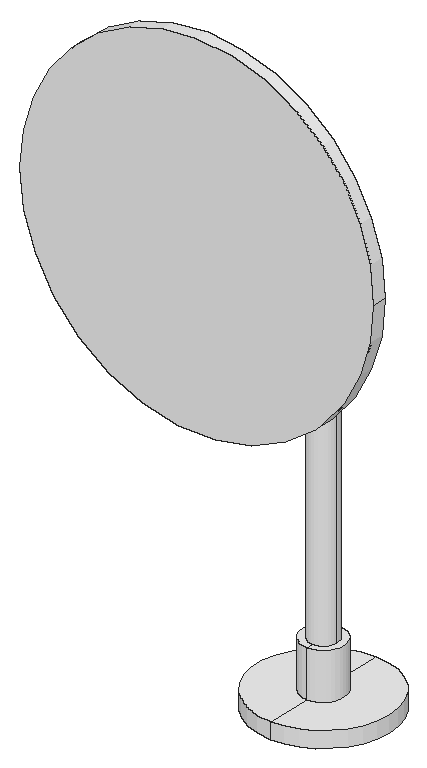
Revit family "Showerhead_Contemporary_11in-Rain_TS100B_BL_TOTO", category Plumbing Fixtures, host Face, Revit 2013
Parameters (values of type "TS100BL")
  ecoScorecard_data = " "
  ecoScorecard Product Page = "  "
  Width = 11"  # constant formula
  Waste Connection = no
  Warranty URL = "http://www.totousa.com/warranty-registration"
  Warranty = "Lifetime Limited Warranty (Residential Use); One Year (Oil Rubbed Bronze); One Year Limited (Commercial Use)"  # constant formula
  WFU = 0
  Vent Connection = yes
  URL = "http://www.totousa.com"
  Toto BIM Number = "BM-00109"  # constant formula
  Tempered Water Connection Radius = Tempered Water Connection NPT / 2  # 1/4"
  Tempered Water Connection NPT = 1/2"
  Subcategory = "Showers"  # constant formula
  Style = "Contemporary"  # constant formula
  Spec Sheet URL = "http://assets.totousa.com/product-files/SS-00035_TS100B.pdf"
  Shipping Weight = 12.00 lbf
  Series = ""
  Product Page URL = " "
  Parts Manual URL = " "
  Owners Manual URL = "  "
  Model = "TS100B"  # constant formula
  Manufacturer Toll Free Phone = "1-888-295-8134"  # constant formula
  Manufacturer Phone = "(770) 282-8686"  # constant formula
  Manufacturer Fax = "(770) 282-0002"  # constant formula
  Manufacturer Email = "mailto:custservice@totousa.com"
  Manufacturer Address = "1155 Southern Road, Morrow, Georgia 30260"  # constant formula
  Manufacturer = "TOTO USA, Inc."  # constant formula
  Installation URL = " "
  Hot Water Connector = "Hot Water Connection"  # constant formula
  Hot Water Connection Radius = 1/2"
  Hot Water Connection Diameter = Hot Water Connection Radius * 2  # 1"
  Height = 6 15/16"  # constant formula
  HWFU = 0
  HW Connection = yes
  Flow Rate = 1.75 GPM
  Finish = Metal - TOTO - Chrome - Polished
  Description = "11 Rain Showerhead\""
  Depth = 20 3/4"  # constant formula
  Default Elevation = 77"
  Cost Info = "mailto:custservice@totousa.com"
  Color Availability = "#CP Polished Chrome, #BN Brushed Nickel, #PN Polished Nickel"  # constant formula
  Cold Water Connector = "Cold Water Connection"  # constant formula
  Cold Water Connection Radius = 1/2"
  Cold Water Connection Diameter = Cold Water Connection Radius * 2  # 1"
  CWFU = 0
  CW Connection = yes
  CAD Drawing URL = "http://assets.totousa.com/product-files/AD-00055_TS100B_BL.dxf"
  Assembly Code = "D2010710"
  95 CSI = "15416"  # constant formula
  04 CSI = "22 41 39"  # constant formula
Reference planes (in)
  plane 1 "Center (Front/Back)": y = 0
  plane 2: z = 0
  plane 3 "Center (Left/Right)": x = 0
Dimensions and locks (in)
  aligned and locked: plane 2 to host face
  aligned and locked: level to host face
  aligned and locked: plane 1 "Center (Front/Back)" to nested 1
  aligned and locked: plane 3 "Center (Left/Right)" to nested 1
Nested families (in)
  nested 1: "TS100BL" at (0, 4.9, 0), type "TS100BL"
    with Flow Pressure 0.00 psi
Connectors (in)
  piping at (0, 5.5875, -0.5), driven by "Cold Water Connection Radius", driven by "Flow Rate", driven by "CWFU", driven by "CW Connection", driven by "CW Connection", driven by "Cold Water Connector"
    settings: on nested 1, index 1, connector radius 1/2", flow factor 0, pipe flow 1.75 GPM, pressure drop 0.00 psi, fitting loss kfactor 0, connector angle 0.00°, fixture units 0, engagement length 0", flow configuration 3, flow direction 1, fitting loss method 0, system type 20, joint type 0, gender type 0, connector reference index -1, connector utility 1, adjustable connector yes, is connector primary yes, fitting loss table "", connector description "Cold Water Connection"
  piping at (0, 4.21172, -0.5), driven by "Hot Water Connection Radius", driven by "HW Connection", driven by "Hot Water Connector", driven by "HW Connection", driven by "HWFU"
    settings: on nested 1, index 2, connector radius 1/2", flow factor 0, pipe flow 0.00 GPM, pressure drop 0.00 psi, fitting loss kfactor 0, connector angle 0.00°, fixture units 0, engagement length 0", flow configuration 3, flow direction 1, fitting loss method 0, system type 19, joint type 0, gender type 0, connector reference index -1, connector utility 1, adjustable connector yes, is connector primary no, fitting loss table "", connector description "Hot Water Connection"
Definition of nested family "TS100BL"
  Parameters (values of type "TS100BL")
    Waste Connection = no
    WFU = 0
    Vent Connection = yes
    URL = ""
    Tempered Water Connection Radius = Tempered Water Connection NPT / 2  # 1/4"
    Tempered Water Connection NPT = 1/2"
    Showerhead Material = Metal - TOTO - Chrome - Polished
    Nominal Width = 11"  # constant formula
    Nominal Height = 6 243/256"  # constant formula
    Nominal Depth = 20 3/4"  # constant formula
    Model = ""
    Manufacturer = ""
    HWFU = 0
    HW Connection = yes
    Flow Pressure [instance] = 0.00 psi
    Description = ""
    Default Elevation = 77"
    CWFU = 0
    CW Connection = yes
    Assembly Code = ""
  Reference planes (in)
    plane 1 "Center (Front/Back)": y = 0
    plane 2: z = 0
    plane 3 "Center (Left/Right)": x = 0
    plane 4: z = 15.25
    plane 5: y = -4.9
    plane 6: y = -4.48984
    plane 7: y = -2.47
    plane 8: z = 1.94
    plane 9: z = -0.5
    plane 10: y = 2.04922
    plane 11: z = 20.75
    plane 12: x = 5.5
    plane 13: x = -5.5
  Forms (in)
    Extrusion 1, solid
      sketch origin (0, 0, 0) x (1, 0, 0) y (0, 1, 0)
        loop
          line (-48, 48) -> (-48, -48) -> (48, -48) -> (48, 48) -> (-48, 48)
      from 0 to -12
    Extrusion 2, solid, material "Metal - TOTO - Chrome - Polished" <- "Showerhead Material"
      sketch origin (0, -4.9, 49.25) x (0, 0, -1) y (1, 0, 0)
        loop
          circle (34, 0) r 5.5
      from 0 to -0.41016
    Revolve 3, solid, material "Metal - TOTO - Chrome - Polished" <- "Showerhead Material", detail levels fine
      sketch origin (0, 0, 0) x (0, 1, 0) y (0, 0, 1)
        loop
          line (-4.48984, 15.25) -> (-2.47, 15.25) -> (-2.47, 16.13) -> (-4.17984, 16.13) -> (-4.17984, 16.61)
          arc (-4.17984, 16.61) -> (-4.20328, 16.66657) -> (-4.25984, 16.69) r 0.08
          line (-4.25984, 16.69) -> (-4.48984, 16.69) -> (-4.48984, 15.25)
        axis (-4.48984, 15.25) -> (-2.47, 15.25)
      angle from 0 to 360
    Sweep 4, solid, material "Metal - TOTO - Chrome - Polished" <- "Showerhead Material", detail levels fine
      path origin (0, 0, 0) x (0, 1, 0) y (0, 0, 1)
        loop
          line (-2.47, 15.25) -> (-1.17, 15.25)
          arc (-1.17, 15.25) -> (-0.34269, 14.90731) -> (0, 14.08) r 1.17
          line (0, 14.08) -> (0, 1.94)
      profile origin (0, -1.82, 15.25) x (0, 0, 1) y (1, 0, 0)
        loop
          circle (0, 0) r 0.43
    Revolve 5, solid, material "Metal - TOTO - Chrome - Polished" <- "Showerhead Material", detail levels fine
      sketch origin (0, 0, 0) x (0, 1, 0) y (0, 0, 1)
        loop
          line (0, 0) -> (2.05, 0) -> (2.05, 0.5) -> (0.65, 0.5) -> (0.65, 1.94) -> (0, 1.94) -> (0, 0)
        axis (0, 1.94) -> (0, 0)
      angle from 0 to 360
    Extrusion 6, solid, material "Metal - TOTO - Chrome - Polished" <- "Showerhead Material"
      sketch origin (0, 0, 0) x (1, 0, 0) y (0, 1, 0)
        loop
          circle (0, 0.6875) r 0.5
        loop
          circle (0, -0.68828) r 0.5
      from 0 to -0.5
    Extrusion 7, solid, material "Metal - TOTO - Chrome - Polished" <- "Showerhead Material", detail levels coarse+medium
      sketch origin (0, 0, 0) x (0, 1, 0) y (0, 0, 1)
        loop
          line (2.04922, 0) -> (2.04922, 16.69) -> (-4.48984, 16.69) -> (-4.48984, 13.81) -> (-2.05, 13.81) -> (-2.05, 0) -> (2.04922, 0)
      from -2.05 to 2.01364
  Lines and regions (in)
    symbolic lines
      curve 1: line (-5.5, -4.9, 0) -> (-5.5, -4.48984, 0)
      curve 2: line (5.5, -4.9, 0) -> (5.5, -4.48984, 0)
      curve 3: line (5.5, -4.48984, 0) -> (2.01364, -4.48984, 0)
      curve 4: line (5.5, -4.9, 0) -> (-5.5, -4.9, 0)
      curve 25: line (-2.01122, -4.48984, 0) -> (-5.5, -4.48984, 0)
      curve 26: line (2.01364, -4.48984, 0) -> (-2.01122, -4.48984, 0)
      curve 32: arc (5.5, 0, 15.25) -> (0, 0, 20.75) -> (-5.5, 0, 15.25) r 5.5
      curve 33: arc (-5.5, 0, 15.25) -> (-4.03825, 0, 11.51603) -> (-0.43, 0, 9.76683) r 5.5
      curve 35: line (0, -4.48984, 16.69) -> (0, -4.25732, 16.69)
      curve 45: line (0, 2.04922, 0.5) -> (0, 2.04922, 0)
      curve 46: line (0, -2.05, 0.5) -> (0, -2.05, 0)
      curve 47: line (0, -2.05, 0) -> (0, 2.04922, 0)
      curve 52: line (0, -4.24596, 13.81) -> (0, -4.48984, 13.81)
      curve 55: arc (-0.43, 0, 9.76683) -> (3.73397, 0, 11.21175) -> (5.5, 0, 15.25) r 5.5
      curve 58: line (0, -4.48984, 20.75) -> (0, -4.9, 20.75)
      curve 59: line (0, -4.48984, 9.75) -> (0, -4.48984, 20.75)
      curve 60: line (0, -4.9, 9.75) -> (0, -4.48984, 9.75)
      curve 61: line (0, -4.9, 20.75) -> (0, -4.9, 9.75)
    symbolic lines, detail levels coarse+medium
      curve 5: line (2.01364, -4.48984, 0) -> (2.01364, 2.04922, 0)
      curve 6: line (-2.01122, 2.04922, 0) -> (-2.01122, -4.48984, 0)
      curve 7: line (2.01364, 2.04922, 0) -> (-2.01122, 2.04922, 0)
    symbolic lines, detail levels fine
      curve 8: arc (0, 2.05, 0) -> (-2.03845, 0.21732, 0) -> (-0.43219, -2.00392, 0) r 2.05
      curve 9: arc (0.43219, -2.00392, 0) -> (2.03845, 0.21732, 0) -> (0, 2.05, 0) r 2.05
      curve 10: arc (0.43219, -0.4855, 0) -> (0.60749, 0.23122, 0) -> (0, 0.65, 0) r 0.65
      curve 11: arc (0, 0.65, 0) -> (-0.60749, 0.23122, 0) -> (-0.43219, -0.4855, 0) r 0.65
      curve 12: line (0, -2.47, 0) -> (0.88, -2.47, 0)
      curve 13: line (0, -4.17984, 0) -> (1.35943, -4.17984, 0)
      curve 14: line (1.44, -4.48984, 0) -> (1.44, -4.26041, 0)
      curve 15: arc (1.35943, -4.17984, 0) -> (1.4164, -4.20344, 0) -> (1.44, -4.26041, 0) r 0.08057
      curve 16: line (0.88, -4.17984, 0) -> (0.88, -2.47, 0)
      curve 17: line (0.43219, -2.47, 0) -> (0.43219, -0.00296, 0)
      curve 18: line (-0.43219, -2.47, 0) -> (-0.43219, -0.00296, 0)
      curve 19: arc (-0.43219, -0.00296, 0) -> (0, 0.42923, 0) -> (0.43219, -0.00296, 0) r 0.43219
      curve 20: line (0, -2.47, 0) -> (-0.88, -2.47, 0)
      curve 21: line (0, -4.17984, 0) -> (-1.35943, -4.17984, 0)
      curve 22: line (-1.44, -4.48984, 0) -> (-1.44, -4.26041, 0)
      curve 23: arc (-1.35943, -4.17984, 0) -> (-1.4164, -4.20344, 0) -> (-1.44, -4.26041, 0) r 0.08057
      curve 24: line (-0.88, -4.17984, 0) -> (-0.88, -2.47, 0)
      curve 27: line (-2.05, 0, 0.5) -> (2.05, 0, 0.5)
      curve 28: line (-0.64491, 0, 0.5) -> (-0.64491, 0, 1.94)
      curve 29: line (-0.43, 0, 1.94) -> (-0.43, 0, 9.76683)
      curve 30: line (0.64491, 0, 0.5) -> (0.64491, 0, 1.94)
      curve 31: line (0.43, 0, 1.94) -> (0.43, 0, 9.76683)
      curve 34: line (-0.64491, 0, 1.94) -> (0.64491, 0, 1.94)
      curve 36: line (0, -4.17984, 14.37) -> (0, -2.47, 14.37)
      curve 37: line (0, -2.47, 14.37) -> (0, -2.47, 16.13)
      curve 38: line (0, -2.47, 16.13) -> (0, -4.17984, 16.13)
      curve 39: line (0, -2.47, 15.68) -> (0, -1.11689, 15.68)
      curve 40: line (0, -2.47, 14.82) -> (0, -1.18, 14.82)
      curve 41: line (0, 0.65, 1.94) -> (0, -0.65, 1.94)
      curve 42: line (0, -0.65, 1.94) -> (0, -0.65, 0.5)
      curve 43: line (0, 0.65, 1.94) -> (0, 0.65, 0.5)
      curve 44: line (0, -2.05, 0.5) -> (0, 2.04922, 0.5)
      curve 48: arc (0, -1.11689, 15.68) -> (0, -0.02307, 15.22693) -> (0, 0.43, 14.13311) r 1.54689
      curve 49: line (0, 0.43, 14.13311) -> (0, 0.43, 1.94)
      curve 50: line (0, -0.43, 14.07) -> (0, -0.43, 1.94)
      curve 51: line (0, -4.17984, 16.61352) -> (0, -4.17984, 13.88648)
      curve 53: arc (0, -4.17984, 13.88648) -> (0, -4.19866, 13.83593) -> (0, -4.24596, 13.81) r 0.0773
      curve 54: arc (0, -4.17984, 16.61352) -> (0, -4.19866, 16.66407) -> (0, -4.24596, 16.69) r 0.0773
      curve 68: arc (0, -0.43, 14.07) -> (0, -0.64967, 14.60033) -> (0, -1.18, 14.82) r 0.75
    symbolic lines, style "PlumbingFixtures"
      curve 56: line (2.05, 0, 0.5) -> (2.05, 0, 0)
      curve 57: line (-2.05, 0, 0.5) -> (-2.05, 0, 0)
    symbolic lines, style "PlumbingFixtures", detail levels coarse+medium
      curve 62: line (-2.05, 0, 0.5) -> (-2.05, 0, 10.14632)
      curve 63: line (2.05, 0, 0.5) -> (2.05, 0, 10.14632)
      curve 64: line (0, 2.04922, 0.5) -> (0, 2.04922, 16.69)
      curve 65: line (0, 2.04922, 16.69) -> (0, -4.25732, 16.69)
      curve 66: line (0, -4.24596, 13.81) -> (0, -2.05, 13.81)
      curve 67: line (0, -2.05, 13.81) -> (0, -2.05, 0.5)
  Dimensions and locks (in)
    locked: plane 4 to plane 2 at 15.25
    locked: plane 5 to plane 1 "Center (Front/Back)" at 4.9
    locked: plane 4 to Extrusion 2 sketch curve at 0
    locked: plane 3 "Center (Left/Right)" to Extrusion 2 sketch curve at 0
    locked: plane 6 to plane 1 "Center (Front/Back)" at 4.48984
    locked: plane 7 to plane 1 "Center (Front/Back)" at 2.47
    Revolve 3 sketch curve to Revolve 3 sketch curve to plane 4 = 0.56" locked, 0.88" locked
    locked: Revolve 3 sketch curve to plane 7 at 1.70984
    locked: plane 8 to plane 2 at 1.94
    locked: plane 4 to Sweep 4 sketch curve at 0
    locked: plane 3 "Center (Left/Right)" to Sweep 4 sketch curve at 0
    locked: plane 1 "Center (Front/Back)" to Revolve 5 sketch curve at 2.05
    locked: Revolve 5 sketch curve to plane 2 at 0.5
    locked: plane 1 "Center (Front/Back)" to Revolve 5 sketch curve at 0.65
    locked: plane 2 to plane 9 at 0.5
    plane 1 "Center (Front/Back)" to Extrusion 6 sketch curve = 11/16"
    locked: plane 3 "Center (Left/Right)" to Extrusion 6 sketch curve at 0
    "Nominal Depth": plane 11 to plane 2
    equal spacing: plane 12, plane 3 "Center (Left/Right)", plane 13
    "Nominal Width": plane 12 to plane 13
    "Nominal Height": plane 5 to plane 10
    radius of Extrusion 2 sketch curve = 5 1/2"
    radius of Sweep 4 sketch curve = 1.17"
    radius of Sweep 4 sketch curve = 0.43"
    radius of Extrusion 6 sketch curve = 1/2"
    radius of Revolve 3 = 1.44"
    aligned and locked: plane 2 to Extrusion 1
    aligned and locked: level to Extrusion 1
    aligned and locked: Extrusion 2 to plane 6
    aligned and locked: Revolve 3 sketch curve to plane 4  (x2)
    aligned and locked: Revolve 3 sketch curve to plane 6
    aligned and locked: Revolve 3 sketch curve to plane 7
    aligned and locked: plane 1 "Center (Front/Back)" to Revolve 3 sketch curve
    aligned and locked: plane 1 "Center (Front/Back)" to Sweep 4 sketch curve
    aligned and locked: Sweep 4 sketch curve to plane 4
    aligned and locked: plane 7 to Sweep 4 sketch curve
    aligned and locked: plane 8 to Sweep 4 sketch curve
    aligned and locked: Revolve 5 sketch curve to plane 1 "Center (Front/Back)"
    aligned and locked: Revolve 5 sketch curve to plane 8
    aligned and locked: Revolve 5 sketch curve to plane 2
    aligned and locked: plane 1 "Center (Front/Back)" to Revolve 5 sketch curve
    aligned and locked: Extrusion 6 to plane 9
    aligned and locked: plane 2 to Extrusion 6
    aligned and locked: Sweep 4 to plane 8
    aligned and locked: plane 2 to Extrusion 7 sketch curve
    aligned and locked: Extrusion 7 sketch curve to curve 46
    aligned and locked: Extrusion 7 sketch curve to curve 45
    aligned and locked: Extrusion 7 sketch curve to curve 52
    aligned and locked: Extrusion 7 sketch curve to curve 35
    aligned and locked: Extrusion 2 to Extrusion 7 sketch curve
  Automatic sketch dimensions
    Extrusion 1 sketch curve to Extrusion 1 sketch curve = 96"  (x2)
    Revolve 3 sketch curve to Revolve 3 sketch curve = 0.08"
    Revolve 3 sketch curve to plane 7 = 1"
    curve 8 to curve 9 = 0"  (x2)
    curve 8 to curve 10 = 0"  (x2)
    curve 8 to curve 11 = 0"  (x2)
    curve 9 to curve 10 = 0"  (x2)
    curve 9 to curve 11 = 0"  (x2)
    curve 10 to curve 11 = 0"  (x2)
    plane 6 to curve 1 = 0"
    curve 1 to plane 13 = 0"
    plane 10 to curve 7 = 0"
    plane 7 to curve 24 = 0"
    plane 1 "Center (Front/Back)" to curve 11 = 0"
    curve 11 to plane 3 "Center (Left/Right)" = 0"
    curve 20 to plane 3 "Center (Left/Right)" = 0"
    curve 13 to plane 3 "Center (Left/Right)" = 0"
    curve 19 to plane 3 "Center (Left/Right)" = 0"
    plane 5 to curve 2 = 0"
    curve 2 to plane 12 = 0"
    curve 7 to plane 3 "Center (Left/Right)" = 2.01122"
    curve 6 to curve 22 = 0.57122"
    curve 23 to curve 21 = 0.08057"
    curve 24 to plane 3 "Center (Left/Right)" = 0.88"
    plane 1 "Center (Front/Back)" to curve 18 = 0.00296"
    curve 18 to curve 19 = 0.43219"
    curve 16 to plane 6 = 0.31"
    plane 3 "Center (Left/Right)" to curve 16 = 0.88"
    curve 15 to plane 6 = 0.22943"
    curve 16 to curve 15 = 0.47943"
    curve 14 to curve 5 = 0.57364"
    curve 9 to plane 7 = 0.46608"
    curve 10 to curve 19 = 0.48254"
    curve 32 to curve 55 = 0"
    curve 32 to plane 4 = 0"
    curve 32 to plane 13 = 0"
    curve 57 to level = 0"
    curve 28 to plane 8 = 0"
    curve 55 to plane 3 "Center (Left/Right)" = 0"
    curve 56 to level = 0"
    curve 57 to plane 3 "Center (Left/Right)" = 2.05"
    curve 28 to plane 3 "Center (Left/Right)" = 0.64491"
    curve 55 to plane 3 "Center (Left/Right)" = 0.43"
    plane 3 "Center (Left/Right)" to curve 31 = 0.43"
    curve 31 to curve 30 = 0.21491"
    level to curve 56 = 1/2"
    curve 30 to curve 56 = 1.40509"
    Revolve 5 sketch curve to plane 9 = 1/2"
    Revolve 5 sketch curve to Revolve 5 sketch curve = 1 1/2"
    curve 61 to plane 5 = 0"
    curve 59 to plane 6 = 0"
    curve 37 to plane 7 = 0"
    curve 46 to level = 0"
    curve 41 to plane 8 = 0"
    curve 47 to plane 10 = 0"
    curve 59 to plane 11 = 0"
    curve 35 to curve 35 = 0.23252"
    curve 53 to plane 6 = 0.2327"
    curve 35 to curve 54 = 0.00018"
    curve 53 to curve 52 = 0.01118"
    curve 35 to curve 54 = 0.01136"
    curve 36 to plane 6 = 0.31"
    curve 46 to plane 7 = 0.42"
    curve 40 to plane 4 = 0.43"
    plane 1 "Center (Front/Back)" to curve 40 = 1.18"
    plane 4 to curve 48 = 0.43"
    curve 40 to curve 48 = 0.06311"
    plane 1 "Center (Front/Back)" to curve 41 = 0.65"
    plane 1 "Center (Front/Back)" to curve 68 = 0.43"
    curve 49 to plane 1 "Center (Front/Back)" = 0.43"
    curve 49 to curve 41 = 0.22"
    level to curve 45 = 1/2"
    curve 61 to plane 4 = 5 1/2"
    curve 52 to plane 4 = 1.44"
    curve 37 to curve 40 = 0.45"
    curve 39 to curve 37 = 0.45"
    curve 38 to curve 51 = 0.48352"
    Extrusion 6 sketch curve to plane 3 "Center (Left/Right)" = 0"
    plane 1 "Center (Front/Back)" to Extrusion 6 sketch curve = 0.68828"
    radius of Extrusion 6 sketch curve = 1/2"
